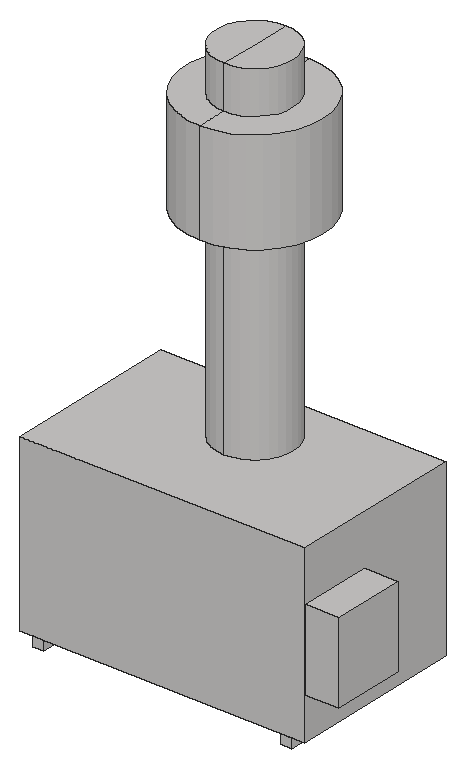
Revit family "DC_Rheem_PLM_Raypak_B0972HWT", category Plumbing Fixtures, host Face, Revit 2020
Family settings
  Host = Face
  Round Connector Dimension = Use Radius
  Part Type = Normal
  Cut with Voids When Loaded = No
  Shared = No
  Room Calculation Point = No
Parameters (values of type "Raypak - Gas Water Heater- Outdoor - 933 MJ/h  Propane gas, On/Off gas control")
  Width_ANZRS = 825 mm
  URL = "http://www.rheem.com.au/CommercialProducts"
  Type Comments = "Recovery 3526L/h @ 50oC rise"
  PRVRadius_ANZRS = 7.5 mm
  PRVDiameter_ANZRS = PRVRadius_ANZRS * 2  # 15 mm
  Model = "B0976PCO/HWT"
  Materials_ANZRS = Raypak - Grey Powder Coated Steel
  Manufacturer = "Raypak"
  Length_ANZRS = 1330 mm
  HotWaterPipeRadius_ANZRS = 32.5 mm
  HotWaterPipeDiameter_ANZRS = HotWaterPipeRadius_ANZRS * 2  # 65 mm
  Height_ANZRS = 2500 mm
  GasInletHeight_ANZRS = 410 mm
  GasInletRadius_ANZRS = 16 mm
  GasInletDiameter_ANZRS = GasInletRadius_ANZRS * 2  # 32 mm
  DesignBy_ANZRS = "Design Content ©"  # constant formula
  Description = "Raypak - Gas Water Heater- Outdoor - 976 MJ/h  Natural gas, modulating gas control"
  Default Elevation = 0 mm  # constant formula
  ConnectorHeight_ANZRS = 755 mm
  ColdWaterPipeRadius_ANZRS = 32.5 mm
  ColdWaterPipeDiameter_ANZRS = ColdWaterPipeRadius_ANZRS * 2  # 65 mm
  BoxHeight_ANZRS = 860 mm
  Author_ANZRS = "DM"  # constant formula
Types (5, lengths in mm): name | URL | Type Comments | Model | GasInletRadius_ANZRS | GasInletDiameter_ANZRS
  (no name) | "http://www.rheem.com.au/downloads/PDF/Raypak_Mechanical_Heating_Brochure_July_09.pdf" | "Recovery 3784L/h @ 50oC rise" | "B0976NCO/HWT" | 20 | 40
  Raypak - Gas Water Heater- Outdoor - 976 MJ/h  Natural gas, modulating gas control | "http://www.rheem.com.au/CommercialProducts" | "Recovery 3784L/h @ 50oC rise" | "B0976NCM/HWT" | 20 | 40
  Raypak - Gas Water Heater- Outdoor - 976 MJ/h  Natural gas, On/Off gas control | "http://www.rheem.com.au/CommercialProducts" | "Recovery 3784L/h @ 50oC rise" | "B0976NCO/HWT" | 20 | 40
  Raypak - Gas Water Heater- Outdoor - 933 MJ/h  Propane gas, modulating gas control | "http://www.rheem.com.au/CommercialProducts" | "Recovery 3526L/h @ 50oC rise" | "B0976PCM/HWT" | 10 | 20
  Raypak - Gas Water Heater- Outdoor - 933 MJ/h  Propane gas, On/Off gas control | "http://www.rheem.com.au/CommercialProducts" | "Recovery 3526L/h @ 50oC rise" | "B0976PCO/HWT" | 16 | 32
Reference planes
  plane 1 "Center (Front/Back)": y = 0
  plane 2: z = 0
  plane 3 "Center (Left/Right)": x = 0
  plane 4: x = -665
  plane 5: x = 665
  plane 6: z = 2500
  plane 7: z = 245
  plane 8: z = 625
  plane 9: x = 825
  plane 10: z = 45
  plane 11: x = -605
  plane 12: x = -555
  plane 13: x = 605
  plane 14: x = 555
  plane 15: y = -320
  plane 16: z = 2300
  plane 17: z = 1820
  plane 18: z = 410
  plane 19: y = -410
  plane 20: y = -540
  plane 21: y = 285
  plane 22: z = 860
  plane 23: z = 755
  plane 24: y = 200
  plane 25: y = 130
  plane 26: y = -150
  plane 27: y = -180
  plane 28: y = -195
  plane 29: x = -715
  plane 30: x = -655
  plane 31: y = 320
  plane 32: y = 180
  plane 33: x = -320
  plane 34: x = 320
  plane 35: x = -180
  plane 36: x = 180
Forms (mm)
  Revolve 1, solid, material "Raypak - Grey Powder Coated Steel" <- "Materials_ANZRS"
    sketch origin (0, 0, 0) x (0, 1, 0) y (0, 0, 1)
      loop
        line (0, 2500) -> (-180, 2500) -> (-180, 2300) -> (-320, 2300) -> (-320, 1820) -> (-180, 1820) -> (-180, 860) -> (0, 860) -> (0, 2500)
      axis (0, 860) -> (0, 2500)
    angle from 0 to 360
  Extrusion 2, solid, material "Raypak - Grey Powder Coated Steel" <- "Materials_ANZRS"
    sketch origin (0, 0, 0) x (0, 1, 0) y (0, 0, 1)
      loop
        line (285, 860) -> (-540, 860) -> (-540, 45) -> (285, 45) -> (285, 860)
    from -665 to 665
  Extrusion 3, solid, material "Raypak - Grey Powder Coated Steel" <- "Materials_ANZRS"
    sketch origin (0, 0, 0) x (1, 0, 0) y (0, 0, 1)
      loop
        line (825, 625) -> (665, 625) -> (665, 245) -> (825, 245) -> (825, 625)
    from 195 to 540
  Extrusion 4, void
    sketch origin (0, 0, 0) x (0, 1, 0) y (0, 0, 1)
      loop
        circle (200, 755) r 7.5
      loop
        circle (130, 755) r 32.5
      loop
        circle (-150, 755) r 32.5
    from -665 to -655
  Extrusion 5, solid, material "Raypak - Grey Powder Coated Steel" <- "Materials_ANZRS"
    sketch origin (0, 0, 0) x (0, 1, 0) y (0, 0, 1)
      loop
        circle (-410, 410) r 16
    from -715 to -665
  Extrusion 6, solid, material "Raypak - Grey Powder Coated Steel" <- "Materials_ANZRS"
    sketch origin (0, 0, 0) x (1, 0, 0) y (0, 0, 1)
      loop
        line (-605, 0) -> (-555, 0) -> (-555, 45) -> (-605, 45) -> (-605, 0)
      loop
        line (605, 0) -> (605, 45) -> (555, 45) -> (555, 0) -> (605, 0)
    from -285 to 540
Cuts and joins
  Extrusion 4 cuts Extrusion 2
Lines and regions (mm)
  Masking region 1
    outline origin (0, 0, 0) x (0, 1, 0) y (0, 0, 1)
      loop
        line (-180, 2500) -> (-180, 2300) -> (-320, 2300) -> (-320, 1820) -> (-180, 1820) -> (-180, 860) -> (-540, 860) -> (-540, 0) -> (285, 0) -> (285, 860) -> (180, 860) -> (180, 1820) -> (320, 1820) -> (320, 2300) -> (180, 2300) -> (180, 2500) -> (-180, 2500)
  Masking region 2
    outline origin (0, 0, 0) x (1, 0, 0) y (0, 1, 0)
      loop
        line (-665, 285) -> (-665, -400) -> (-715, -400) -> (-715, -420) -> (-665, -420) -> (-665, -540) -> (825, -540) -> (825, -195) -> (665, -195) -> (665, 285) -> (145.516, 285)
        arc (145.516, 285) -> (74.833, 311.127) -> (0, 320) r 320
        arc (0, 320) -> (-74.833, 311.127) -> (-145.516, 285) r 320
        line (-145.516, 285) -> (-665, 285)
  Masking region 3
    outline origin (0, 0, 0) x (0, 1, 0) y (0, 0, 1)
      loop
        line (-180, 2500) -> (-180, 2300) -> (-320, 2300) -> (-320, 1820) -> (-180, 1820) -> (-180, 860) -> (-540, 860) -> (-540, 0) -> (285, 0) -> (285, 860) -> (180, 860) -> (180, 1820) -> (320, 1820) -> (320, 2300) -> (180, 2300) -> (180, 2500) -> (-180, 2500)
  Masking region 4
    outline origin (0, 0, 0) x (1, 0, 0) y (0, 0, 1)
      loop
        line (0, 2500) -> (-180, 2500) -> (-180, 2300) -> (-320, 2300) -> (-320, 1820) -> (-180, 1820) -> (-180, 860) -> (-665, 860) -> (-665, 420) -> (-715, 420) -> (-715, 400) -> (-665, 400) -> (-665, 45) -> (-605, 45) -> (-605, 0) -> (-555, 0) -> (-555, 45) -> (555, 45) -> (555, 0) -> (605, 0) -> (605, 45) -> (665, 45) -> (665, 245) -> (825, 245) -> (825, 625) -> (665, 625) -> (665, 860) -> (180, 860) -> (180, 1820) -> (320, 1820) -> (320, 2300) -> (180, 2300) -> (180, 2500) -> (0, 2500)
  symbolic lines, style "Emergency", detail levels fine
    curve 1: line (0, -180, 2500) -> (0, 180, 2500)
    curve 2: line (0, 180, 860) -> (0, 180, 1820)
    curve 3: line (0, -320, 2300) -> (0, 320, 2300)
    curve 4: line (0, 320, 1820) -> (0, 320, 2300)
    curve 5: line (0, -320, 1820) -> (0, 320, 1820)
    curve 6: line (0, -320, 1820) -> (0, -320, 2300)
    curve 7: line (0, 285, 860) -> (0, -540, 860)
    curve 8: line (0, 285, 45) -> (0, 285, 860)
    curve 9: line (0, 285, 0) -> (0, 285, 45)
    curve 10: line (0, 285, 0) -> (0, -540, 0)
    curve 11: line (0, -540, 45) -> (0, 285, 45)
    curve 12: line (0, -540, 45) -> (0, -540, 0)
    curve 13: line (0, -540, 860) -> (0, -540, 45)
    curve 14: arc (0, 207.5, 755) -> (0, 200, 762.5) -> (0, 192.5, 755) r 7.5
    curve 15: arc (0, 192.5, 755) -> (0, 200, 747.5) -> (0, 207.5, 755) r 7.5
    curve 16: arc (0, 162.5, 755) -> (0, 130, 787.5) -> (0, 97.5, 755) r 32.5
    curve 17: arc (0, 97.5, 755) -> (0, 130, 722.5) -> (0, 162.5, 755) r 32.5
    curve 18: arc (0, -117.5, 755) -> (0, -150, 787.5) -> (0, -182.5, 755) r 32.5
    curve 19: arc (0, -182.5, 755) -> (0, -150, 722.5) -> (0, -117.5, 755) r 32.5
    curve 20: arc (0, -426, 410) -> (0, -410, 394) -> (0, -394, 410) r 16
    curve 21: arc (0, -394, 410) -> (0, -410, 426) -> (0, -426, 410) r 16
    curve 22: line (0, 180, 2300) -> (0, 180, 2500)
    curve 23: line (0, -180, 860) -> (0, -180, 1820)
    curve 24: line (0, -180, 2300) -> (0, -180, 2500)
    curve 25: line (-180, 0, 2500) -> (180, 0, 2500)
    curve 26: line (180, 0, 860) -> (180, 0, 1820)
    curve 27: line (-320, 0, 2300) -> (320, 0, 2300)
    curve 28: line (320, 0, 1820) -> (320, 0, 2300)
    curve 29: line (-320, 0, 1820) -> (-320, 0, 2300)
    curve 30: line (-180, 0, 860) -> (-180, 0, 1820)
    curve 31: line (665, 0, 860) -> (-665, 0, 860)
    curve 32: line (-665, 0, 860) -> (-665, 0, 45)
    curve 33: line (-665, 0, 45) -> (665, 0, 45)
    curve 34: line (-605, 0, 45) -> (-605, 0, 0)
    curve 35: line (-605, 0, 0) -> (-555, 0, 0)
    curve 36: line (-555, 0, 0) -> (-555, 0, 45)
    curve 37: line (555, 0, 45) -> (555, 0, 0)
    curve 38: line (555, 0, 0) -> (605, 0, 0)
    curve 39: line (605, 0, 0) -> (605, 0, 45)
    curve 40: line (665, 0, 45) -> (665, 0, 860)
    curve 41: line (665, 0, 245) -> (825, 0, 245)
    curve 42: line (825, 0, 245) -> (825, 0, 625)
    curve 43: line (825, 0, 625) -> (665, 0, 625)
    curve 44: line (180, 0, 2300) -> (180, 0, 2500)
    curve 45: line (-320, 0, 1820) -> (320, 0, 1820)
    curve 46: line (-180, 0, 2500) -> (-180, 0, 2300)
    curve 47: line (-665, 285, 0) -> (-145.516, 285, 0)
    curve 48: line (-665, -540, 0) -> (-665, 285, 0)
    curve 49: line (665, -540, 0) -> (-665, -540, 0)
    curve 50: line (665, 285, 0) -> (665, -540, 0)
    curve 51: line (-715, -400, 0) -> (-665, -400, 0)
    curve 52: line (-715, -420, 0) -> (-715, -400, 0)
    curve 53: line (-665, -420, 0) -> (-715, -420, 0)
    curve 54: line (-665, -400, 0) -> (-665, -420, 0)
    curve 55: line (665, -195, 0) -> (825, -195, 0)
    curve 56: line (665, -540, 0) -> (665, -195, 0)
    curve 57: line (825, -540, 0) -> (665, -540, 0)
    curve 58: line (825, -195, 0) -> (825, -540, 0)
    curve 59: arc (0, -180, 0) -> (-180, 0, 0) -> (0, 180, 0) r 180
    curve 60: arc (0, 180, 0) -> (180, 0, 0) -> (0, -180, 0) r 180
    curve 61: arc (0, 320, 0) -> (320, 0, 0) -> (0, -320, 0) r 320
    curve 62: arc (0, -320, 0) -> (-320, 0, 0) -> (0, 320, 0) r 320
    curve 63: line (145.516, 285, 0) -> (665, 285, 0)
Dimensions and locks
  equal spacing: plane 5, plane 3 "Center (Left/Right)", plane 4
  "Length_ANZRS": plane 5 to plane 4
  "Height_ANZRS": plane 6 to level
  locked: plane 7 to level at 245
  locked: plane 8 to plane 7 at 380
  locked: plane 9 to plane 5 at 160
  locked: plane 10 to level at 45
  locked: plane 11 to plane 4 at 60
  locked: plane 12 to plane 11 at 50
  locked: plane 13 to plane 5 at 60
  locked: plane 14 to plane 13 at 50
  locked: plane 6 to plane 16 at 200
  locked: plane 16 to plane 17 at 480
  "GasInletHeight_ANZRS": plane 18 to level
  "Width_ANZRS": plane 21 to plane 20
  plane 19 to plane 20 = 130 mm
  "BoxHeight_ANZRS": plane 22 to level
  "ConnectorHeight_ANZRS": plane 23 to level
  plane 21 to plane 24 = 85 mm
  plane 21 to plane 25 = 155 mm
  locked: plane 1 "Center (Front/Back)" to plane 27 at 180
  plane 28 to plane 20 = 345 mm
  plane 25 to plane 26 = 280 mm
  locked: plane 4 to plane 29 at 50
  locked: plane 30 to plane 4 at 10
  plane 31 to plane 1 "Center (Front/Back)" to plane 15 = 320 mm locked, 320 mm locked
  locked: plane 32 to plane 1 "Center (Front/Back)" at 180
  plane 35 to plane 3 "Center (Left/Right)" to plane 36 = 180 mm locked, 180 mm locked
  plane 33 to plane 3 "Center (Left/Right)" to plane 34 = 320 mm locked, 320 mm locked
  plane 1 "Center (Front/Back)" to plane 20 = 540 mm
  "PRVRadius_ANZRS": radius of Extrusion 4 sketch curve
  "HotWaterPipeRadius_ANZRS": radius of Extrusion 4 sketch curve
  "ColdWaterPipeRadius_ANZRS": radius of Extrusion 4 sketch curve
  "GasInletRadius_ANZRS": radius of Extrusion 5 sketch curve
  aligned and locked: plane 2 to host face
  aligned and locked: level to host face
  aligned and locked: Revolve 1 sketch curve to plane 1 "Center (Front/Back)"
  aligned and locked: Revolve 1 sketch curve to plane 6
  aligned and locked: plane 27 to Revolve 1 sketch curve  (x2)
  aligned and locked: plane 15 to Revolve 1 sketch curve
  aligned and locked: Revolve 1 sketch curve to plane 16
  aligned and locked: plane 17 to Revolve 1 sketch curve
  aligned and locked: plane 22 to Revolve 1 sketch curve
  aligned and locked: plane 22 to Extrusion 2 sketch curve
  aligned and locked: plane 21 to Extrusion 2 sketch curve
  aligned and locked: Extrusion 2 sketch curve to plane 20
  aligned and locked: Extrusion 2 to plane 4
  aligned and locked: Extrusion 2 to plane 5
  aligned and locked: plane 8 to Extrusion 3 sketch curve
  aligned and locked: plane 9 to Extrusion 3 sketch curve
  aligned and locked: Extrusion 3 sketch curve to plane 7
  aligned and locked: plane 5 to Extrusion 3 sketch curve
  aligned and locked: Extrusion 3 to plane 20
  aligned and locked: Extrusion 3 to plane 28
  aligned and locked: plane 10 to Extrusion 2 sketch curve
  aligned and locked: plane 24 to Extrusion 4 sketch curve
  aligned and locked: plane 23 to Extrusion 4 sketch curve  (x3)
  aligned and locked: plane 25 to Extrusion 4 sketch curve
  aligned and locked: plane 26 to Extrusion 4 sketch curve
  aligned and locked: plane 18 to Extrusion 5 sketch curve
  aligned and locked: plane 19 to Extrusion 5 sketch curve
  aligned and locked: Extrusion 5 to plane 29
  aligned and locked: plane 4 to Extrusion 5
  aligned and locked: Extrusion 4 to plane 4
  aligned and locked: cut or joined group of Extrusion 2, Extrusion 4 to plane 30
  aligned and locked: Extrusion 6 sketch curve to level
  aligned and locked: Extrusion 6 sketch curve to plane 11
  aligned and locked: plane 10 to Extrusion 6 sketch curve
  aligned and locked: plane 12 to Extrusion 6 sketch curve
  aligned and locked: plane 13 to Extrusion 6 sketch curve
  aligned and locked: Extrusion 6 sketch curve to plane 10
  aligned and locked: Extrusion 6 sketch curve to plane 14
  aligned and locked: plane 21 to Extrusion 6
  aligned and locked: Extrusion 6 to plane 20
  aligned and locked: curve 1 to Revolve 1
  aligned and locked: curve 2 to plane 32
  aligned and locked: curve 3 to Revolve 1
  aligned and locked: curve 4 to plane 31
  aligned and locked: curve 5 to Revolve 1
  aligned and locked: plane 15 to curve 6
  aligned and locked: curve 7 to cut or joined group of Extrusion 2, Extrusion 4
  aligned and locked: curve 8 to cut or joined group of Extrusion 2, Extrusion 4
  aligned and locked: curve 9 to Extrusion 6
  aligned and locked: host face to curve 10
  aligned and locked: curve 11 to cut or joined group of Extrusion 2, Extrusion 4
  aligned and locked: curve 12 to Extrusion 6
  aligned and locked: curve 13 to cut or joined group of Extrusion 2, Extrusion 4
  aligned and locked: curve 20 to Extrusion 5
  aligned and locked: curve 21 to Extrusion 5  (x2)
  aligned and locked: curve 23 to plane 27
  aligned and locked: curve 24 to plane 27
  aligned and locked: Masking region 1 sketch curve to curve 1
  aligned and locked: Masking region 1 sketch curve to curve 22
  aligned and locked: Masking region 1 sketch curve to curve 3
  aligned and locked: Masking region 1 sketch curve to curve 4
  aligned and locked: Masking region 1 sketch curve to curve 5
  aligned and locked: Masking region 1 sketch curve to curve 2
  aligned and locked: Masking region 1 sketch curve to curve 7
  aligned and locked: Masking region 1 sketch curve to curve 8
  aligned and locked: Masking region 1 sketch curve to curve 10
  aligned and locked: Masking region 1 sketch curve to curve 13
  aligned and locked: Masking region 1 sketch curve to curve 23
  aligned and locked: Masking region 1 sketch curve to curve 6
  aligned and locked: Masking region 1 sketch curve to curve 24
  aligned and locked: curve 25 to Revolve 1
  aligned and locked: plane 36 to curve 26
  aligned and locked: curve 27 to Revolve 1
  aligned and locked: plane 34 to curve 28
  aligned and locked: curve 29 to plane 33
  aligned and locked: curve 30 to plane 35
  aligned and locked: curve 31 to cut or joined group of Extrusion 2, Extrusion 4
  aligned and locked: curve 32 to cut or joined group of Extrusion 2, Extrusion 4
  aligned and locked: curve 33 to cut or joined group of Extrusion 2, Extrusion 4
  aligned and locked: curve 34 to Extrusion 6
  aligned and locked: curve 35 to Extrusion 6
  aligned and locked: curve 36 to Extrusion 6
  aligned and locked: curve 37 to Extrusion 6
  aligned and locked: curve 38 to Extrusion 6
  aligned and locked: curve 39 to Extrusion 6
  aligned and locked: curve 40 to cut or joined group of Extrusion 2, Extrusion 4
  aligned and locked: curve 41 to Extrusion 3
  aligned and locked: curve 42 to Extrusion 3
  aligned and locked: curve 43 to Extrusion 3
  aligned and locked: curve 45 to Revolve 1
  aligned and locked: curve 47 to cut or joined group of Extrusion 2, Extrusion 4
  aligned and locked: curve 48 to cut or joined group of Extrusion 2, Extrusion 4
  aligned and locked: curve 49 to cut or joined group of Extrusion 2, Extrusion 4
  aligned and locked: curve 50 to cut or joined group of Extrusion 2, Extrusion 4
  aligned and locked: curve 55 to Extrusion 3
  aligned and locked: curve 56 to curve 50
  aligned and locked: curve 57 to Extrusion 3
  aligned and locked: curve 58 to Extrusion 3
  aligned and locked: curve 59 to Revolve 1
  aligned and locked: curve 60 to Revolve 1
  aligned and locked: curve 61 to Revolve 1
  aligned and locked: curve 62 to Revolve 1
  aligned and locked: Masking region 2 sketch curve to curve 47
  aligned and locked: Masking region 2 sketch curve to curve 63
  aligned and locked: Masking region 2 sketch curve to Revolve 1  (x2)
  aligned and locked: cut or joined group of Extrusion 2, Extrusion 4 to Masking region 2 sketch curve
  aligned and locked: Masking region 2 sketch curve to Extrusion 3  (x2)
  aligned and locked: Masking region 2 sketch curve to cut or joined group of Extrusion 2, Extrusion 4  (x2)
  aligned and locked: Masking region 2 sketch curve to curve 53
  aligned and locked: Masking region 2 sketch curve to curve 51
  aligned and locked: Extrusion 5 to Masking region 2 sketch curve
  aligned and locked: Masking region 3 sketch curve to Revolve 1  (x2)
  aligned and locked: Masking region 3 sketch curve to curve 22
  aligned and locked: Masking region 3 sketch curve to curve 4
  aligned and locked: Masking region 3 sketch curve to curve 2
  aligned and locked: Masking region 3 sketch curve to curve 23
  aligned and locked: Masking region 3 sketch curve to curve 6
  aligned and locked: Masking region 3 sketch curve to cut or joined group of Extrusion 2, Extrusion 4  (x3)
  aligned and locked: Masking region 3 sketch curve to Extrusion 6
  aligned and locked: Masking region 3 sketch curve to curve 24
  aligned and locked: Masking region 4 sketch curve to Revolve 1  (x3)
  aligned and locked: Masking region 4 sketch curve to curve 46
  aligned and locked: Masking region 4 sketch curve to curve 44
  aligned and locked: Masking region 4 sketch curve to curve 28
  aligned and locked: Masking region 4 sketch curve to curve 29
  aligned and locked: Revolve 1 to Masking region 4 sketch curve  (x2)
  aligned and locked: Masking region 4 sketch curve to curve 26
  aligned and locked: Masking region 4 sketch curve to curve 30
  aligned and locked: Masking region 4 sketch curve to cut or joined group of Extrusion 2, Extrusion 4  (x4)
  aligned and locked: Masking region 4 sketch curve to Extrusion 6  (x6)
  aligned and locked: Masking region 4 sketch curve to Extrusion 3  (x3)
  aligned and locked: curve 17 to cut or joined group of Extrusion 2, Extrusion 4
  aligned and locked: curve 15 to cut or joined group of Extrusion 2, Extrusion 4
  aligned and locked: curve 19 to cut or joined group of Extrusion 2, Extrusion 4
Automatic sketch dimensions
  host sketch curve to host sketch curve = 2438.4 mm  (x2)
  Revolve 1 sketch curve to plane 1 "Center (Front/Back)" = 0 mm
  plane 6 to Revolve 1 sketch curve = 380 mm
  Revolve 1 sketch curve to Revolve 1 sketch curve = 420 mm
  Extrusion 6 sketch curve to level = 0 mm  (x2)
  curve 12 to plane 10 = 0 mm
  curve 12 to plane 20 = 0 mm
  curve 24 to plane 16 = 0 mm
  curve 19 to plane 23 = 0 mm
  curve 19 to plane 26 = 0 mm
  curve 17 to plane 23 = 0 mm
  curve 17 to plane 25 = 0 mm
  curve 22 to plane 6 = 0 mm
  curve 22 to plane 32 = 0 mm
  curve 14 to plane 23 = 0 mm
  curve 15 to plane 24 = 0 mm
  curve 8 to plane 21 = 0 mm
  curve 9 to level = 0 mm
  curve 23 to plane 22 = 0 mm
  curve 5 to plane 17 = 0 mm
  curve 19 to curve 18 = 32.5 mm
  plane 25 to curve 17 = 32.5 mm
  curve 14 to curve 14 = 7.5 mm
  Masking region 1 sketch curve to plane 16 = 0 mm
  Masking region 1 sketch curve to plane 17 = 0 mm
  Masking region 1 sketch curve to plane 22 = 0 mm
  curve 33 to plane 4 = 0 mm
  curve 34 to plane 10 = 0 mm
  curve 34 to plane 11 = 0 mm
  curve 36 to plane 12 = 0 mm
  curve 25 to plane 6 = 0 mm
  plane 35 to curve 46 = 0 mm
  curve 44 to plane 36 = 0 mm
  plane 14 to curve 37 = 0 mm
  curve 38 to level = 0 mm
  plane 13 to curve 38 = 0 mm
  plane 5 to curve 40 = 0 mm
  curve 42 to plane 7 = 0 mm
  curve 42 to plane 9 = 0 mm
  curve 36 to level = 0 mm
  curve 43 to plane 8 = 0 mm
  curve 31 to plane 22 = 0 mm
  curve 26 to plane 17 = 0 mm
  curve 27 to plane 16 = 0 mm
  curve 53 to plane 29 = 0 mm
  curve 53 to plane 4 = 0 mm
  plane 19 to curve 54 = 10 mm
  curve 51 to plane 19 = 10 mm
  plane 3 "Center (Left/Right)" to curve 63 = 145.516 mm
  curve 63 to plane 21 = 0 mm
  curve 47 to plane 35 = 34.484 mm
  Masking region 2 sketch curve to plane 4 = 0 mm
  Masking region 3 sketch curve to plane 22 = 0 mm
  Masking region 3 sketch curve to plane 17 = 0 mm
  Masking region 3 sketch curve to plane 16 = 0 mm  (x2)
  Masking region 4 sketch curve to plane 29 = 0 mm
  Masking region 4 sketch curve to plane 3 "Center (Left/Right)" = 0 mm
  plane 5 to Masking region 4 sketch curve = 0 mm
  Masking region 4 sketch curve to plane 10 = 0 mm  (x2)
  Masking region 4 sketch curve to plane 22 = 0 mm
  Masking region 4 sketch curve to Masking region 4 sketch curve = 0 mm
  plane 18 to Masking region 4 sketch curve = 10 mm
  Masking region 4 sketch curve to plane 18 = 10 mm
Connectors
  piping at (-715, -410, 410), diameter 32, driven by "GasInletRadius_ANZRS"
    settings: on Extrusion 5, index 1, connector inside diameter 1.5748", connector length 0 mm, flow factor 0, pipe flow 0 GPM, pressure drop 0.00 psi, fitting loss kfactor 0, connector angle 0.00°, fixture units 0, engagement length 0 mm, angle of deflection 0.00°, flow configuration 0, flow direction 0, fitting loss method 0, system type 22, joint type 0, gender type 0, connector reference index -1, connector utility 0, adjustable connector no, is connector primary yes, connector description ""
  piping at (-665, -150, 755), diameter 65, driven by "ColdWaterPipeRadius_ANZRS"
    settings: on cut or joined group of Extrusion 2, Extrusion 4, index 2, connector inside diameter 2.55906", connector length 0 mm, flow factor 0, pipe flow 0 GPM, pressure drop 0.00 psi, fitting loss kfactor 0, connector angle 0.00°, fixture units 0, engagement length 0 mm, angle of deflection 0.00°, flow configuration 0, flow direction 0, fitting loss method 0, system type 20, joint type 0, gender type 0, connector reference index -1, connector utility 0, adjustable connector no, is connector primary no, connector description ""
  piping at (-665, 130, 755), diameter 65, driven by "HotWaterPipeRadius_ANZRS"
    settings: on cut or joined group of Extrusion 2, Extrusion 4, index 3, connector inside diameter 2.55906", connector length 0 mm, flow factor 0, pipe flow 0 GPM, pressure drop 0.00 psi, fitting loss kfactor 0, connector angle 0.00°, fixture units 0, engagement length 0 mm, angle of deflection 0.00°, flow configuration 0, flow direction 0, fitting loss method 0, system type 19, joint type 0, gender type 0, connector reference index -1, connector utility 0, adjustable connector no, is connector primary no, connector description ""
  piping at (-665, 200, 755), diameter 15, driven by "PRVRadius_ANZRS"
    settings: on cut or joined group of Extrusion 2, Extrusion 4, index 4, connector inside diameter 0.59055", connector length 0 mm, flow factor 0, pipe flow 0 GPM, pressure drop 0.00 psi, fitting loss kfactor 0, connector angle 0.00°, fixture units 0, engagement length 0 mm, angle of deflection 0.00°, flow configuration 0, flow direction 0, fitting loss method 0, system type 22, joint type 0, gender type 0, connector reference index -1, connector utility 0, adjustable connector no, is connector primary no, connector description ""
